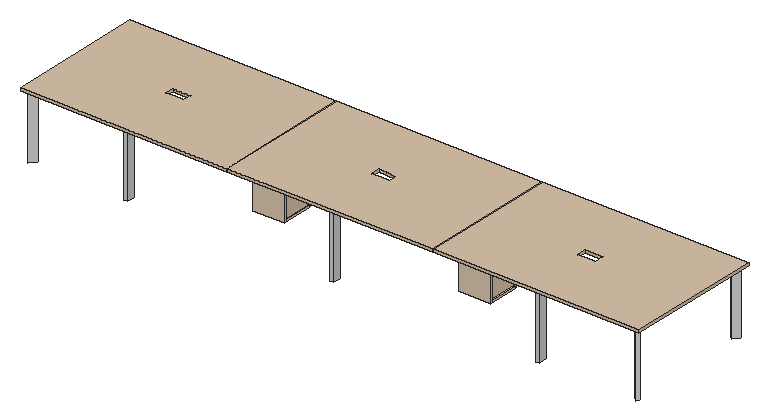
Revit family "Haworth_Planes_ConferenceTable_RectangularThreePiece", category Furniture Systems, Revit 2018
Family settings
  Round Connector Dimension = Use Diameter
  Part Type = Normal
  OmniClass Number = 23.40.70.14.64.21
  OmniClass Title = Systems Furniture
  Work Plane-Based = No
  Always vertical = Yes
  Cut with Voids When Loaded = No
  Shared = No
  Room Calculation Point = No
Parameters (values of type "270w 60d - Interior Leg")
  Worksurface Finish [instance] = Haworth _ Laminate _ Maple H-AE
  Worksurface Edge Finish [instance] = Haworth _ Laminate _ Maple H-AE
  Width = 270"
  Warranty = "http://www.haworth.com/resources/product-info/warranties"
  URL - Product = "http://www.haworth.com/products/tables/conference/planes"
  Trim Finish [instance] = Haworth _ Metal _ Brushed Aluminum
  Sustainability Info = "https://www.haworth.com/company-info/sustainability"
  Support Location Side = if(Perimeter Leg, 1 5/8", 3")  # 3"
  Support Location FrontBack = if(Perimeter Leg, 3/4", 3")  # 3"
  Side Cutout Offset = Actual Width / 12  # 22 1/2"
  Perimeter Leg = no
  Opening Single Wide = no
  Opening Single = not(or(Opening Single Wide, Opening Double, Opening Double Wide))  # yes
  Opening Left/Right = no
  Opening Double Wide = no
  Opening Double = no
  Opening Center = not([Opening Left/Right])  # yes
  Not Cable Base = not(Cable Base)  # no
  Model = "TARA"  # constant formula
  Min. Depth = 42"  # constant formula
  Side Middle Leg_Perimeter = and(Actual Width > 203", Perimeter Leg)  # no
  Side Middle Leg_Interior = and(Actual Width > 203", Interior Leg)  # yes
  Middle Leg_Perimeter = or(and(Actual Width > 203", Perimeter Leg), and(Perimeter Leg, Cable Base))  # no
  Middle Leg_Interior = or(and(Actual Width > 203", Interior Leg), and(Interior Leg, Cable Base))  # yes
  Max. Depth = 60"  # constant formula
  URL = "www.haworth.com"
  Support Height = Actual Height - Table Thickness  # 27 13/16"
  Size [instance] = "Verify Final Dim. w/ Haworth"  # constant formula
  Revision Number = "3"  # constant formula
  Min/Max Width = "186-270 @ 6 in. increments"  # constant formula
  Standard Height = "29 in."  # constant formula
  Min. Width = 186"  # constant formula
  Max. Width = 270"  # constant formula
  Min. Height = 29"  # constant formula
  Max. Height = 29"  # constant formula
  Manufacturer = "Haworth"  # constant formula
  Third Width = Actual Width / 6  # 45"
  Knife Edge = no
  Interior Leg = not(Perimeter Leg)  # yes
  Edgeband = not(Actual Knife Edge)  # yes
  Description = "Haworth - Planes Conference Table - Rectangular Three Piece - Interior Leg - 270w 60d"
  Depth = 60"
  Cutout Width = if(or(Opening Single Wide, Opening Double Wide), 11", 8")  # 8"
  Cutout Depth = if(or(Opening Double, Opening Double Wide), 7 11/16", 4")  # 4"
  Cutout = yes
  Custom Size = not(and(or(Depth = 42", Depth = 48", Depth = 54", Depth = 60"), or(Width = 186", Width = 192", Width = 198", Width = 204", Width = 210", Width = 216", Width = 222", Width = 228", Width = 234", Width = 240", Width = 246", Width = 252", Width = 258", Width = 264", Width = 270")))  # no
  Center Leg_Perimeter = and(Not Cable Base, Perimeter Leg)  # no
  Center Leg_Interior = and(Not Cable Base, Interior Leg)  # no
  Center Cutout Offset = Actual Width / 6  # 45"
  Cable Base Finish [instance] = Haworth _ Laminate _ Maple H-AE
  Cable Base = yes
  Author = "Haworth (Hampton, Alias)"  # constant formula
  Assembly Code = "E2020200"
  Actual Width = if(Width > Max. Width, Max. Width, if(Width < Min. Width, Min. Width, Width))  # 270"
  Actual Knife Edge = and(Knife Edge, Interior Leg)  # no
  Actual Height = 29"  # constant formula
  Table Thickness = 1 3/16"  # constant formula
  Standard Depths = "42, 48, 54, 60 in."  # constant formula
  Actual Depth = if(Depth > Max. Depth, Max. Depth, if(Depth < Min. Depth, Min. Depth, Depth))  # 60"
Types (3): name | Support Location Side | Support Location FrontBack | Perimeter Leg | Side Middle Leg_Perimeter | Side Middle Leg_Interior | Middle Leg_Perimeter | Middle Leg_Interior | Interior Leg | Description
  (no name) | 3" | 3" | no | no | yes | no | yes | yes | "Haworth - Planes Conference Table - Rectangular Three Piece - Interior Leg - 270w 60d"
  270w 60d - Interior Leg | 3" | 3" | no | no | yes | no | yes | yes | "Haworth - Planes Conference Table - Rectangular Three Piece - Interior Leg - 270w 60d"
  270w 60d - Perimeter Leg | 1 5/8" | 3/4" | yes | yes | no | yes | no | no | "Haworth - Planes Conference Table - Rectangular Three Piece - Perimeter Leg - 270w 60d"
Reference planes (in)
  plane 1 "Center F/B": y = 8.84134
  plane 2 "Floor": z = 0
  plane 3 "Center L/R": x = 0
  plane 4 "Table Edge Left": x = -135
  plane 5 "Table Edge Right": x = 135
  plane 6 "Table Edge Back": y = -21.15866
  plane 7 "Table Edge Front": y = 38.84134
  plane 8 "Table Top": z = 29
  plane 9 "masking region": z = 27
  plane 10 "Left Middle Support": x = -90
  plane 11 "Right Middle Support": x = 90
  plane 12 "Ends Back Support Location": y = 35.84134
  plane 13 "Ends Front Support Location": y = -18.15866
  plane 14: z = 27.8125
  plane 15 "Left Seam": x = -45
  plane 16 "Right Seam": x = 45
  plane 17 "Leg 1": x = -132
  plane 18 "Leg 6": x = 132
Lines and regions (in)
  symbolic lines, style "Haworth", detail levels medium+fine
    curve 1: line (-45, 38.84134, 0) -> (-45, -21.15866, 0)
    curve 2: line (45, 38.84134, 0) -> (45, -21.15866, 0)
Dimensions and locks (in)
  "Actual Depth": plane 7 "Table Edge Front" to plane 6 "Table Edge Back"
  "Actual Width": plane 4 "Table Edge Left" to plane 5 "Table Edge Right"
  equal spacing: plane 7 "Table Edge Front", plane 1 "Center F/B", plane 6 "Table Edge Back"
  "Actual Height": plane 8 "Table Top" to level
  "Table Thickness": plane 8 "Table Top" to plane 14
  equal spacing: plane 4 "Table Edge Left", plane 10 "Left Middle Support", plane 15 "Left Seam", plane 3 "Center L/R", plane 16 "Right Seam", plane 11 "Right Middle Support", plane 5 "Table Edge Right"
  "Support Location Side": plane 4 "Table Edge Left" to plane 17 "Leg 1"
  "Support Location Side": plane 18 "Leg 6" to plane 5 "Table Edge Right"
  "Support Location FrontBack": plane 7 "Table Edge Front" to plane 12 "Ends Back Support Location"
  "Support Location FrontBack": plane 13 "Ends Front Support Location" to plane 6 "Table Edge Back"
  aligned and locked: plane 7 "Table Edge Front" to curve 1
  aligned and locked: plane 6 "Table Edge Back" to curve 1
  aligned and locked: curve 1 to plane 15 "Left Seam"
  aligned and locked: plane 7 "Table Edge Front" to curve 2
  aligned and locked: plane 6 "Table Edge Back" to curve 2
  aligned and locked: curve 2 to plane 16 "Right Seam"
  aligned and locked: plane 17 "Leg 1" to nested 1
  aligned and locked: nested 1 to plane 13 "Ends Front Support Location"
  aligned and locked: nested 2 to plane 17 "Leg 1"
  aligned and locked: nested 2 to plane 12 "Ends Back Support Location"
  aligned and locked: nested 3 to plane 12 "Ends Back Support Location"
  aligned and locked: plane 18 "Leg 6" to nested 3
  aligned and locked: nested 4 to plane 18 "Leg 6"
  aligned and locked: nested 4 to plane 13 "Ends Front Support Location"
  aligned and locked: nested 11 to plane 11 "Right Middle Support"
  aligned and locked: nested 11 to plane 13 "Ends Front Support Location"
  aligned and locked: nested 14 to plane 16 "Right Seam"
  aligned and locked: nested 14 to plane 13 "Ends Front Support Location"
  aligned and locked: plane 3 "Center L/R" to nested 9
  aligned and locked: plane 13 "Ends Front Support Location" to nested 9
  aligned and locked: plane 15 "Left Seam" to nested 7
  aligned and locked: plane 13 "Ends Front Support Location" to nested 7
  aligned and locked: plane 10 "Left Middle Support" to nested 5
  aligned and locked: plane 13 "Ends Front Support Location" to nested 5
  aligned and locked: plane 10 "Left Middle Support" to nested 6
  aligned and locked: nested 6 to plane 12 "Ends Back Support Location"
  aligned and locked: plane 15 "Left Seam" to nested 8
  aligned and locked: nested 8 to plane 12 "Ends Back Support Location"
  aligned and locked: plane 3 "Center L/R" to nested 10
  aligned and locked: nested 10 to plane 12 "Ends Back Support Location"
  aligned and locked: nested 13 to plane 16 "Right Seam"
  aligned and locked: plane 12 "Ends Back Support Location" to nested 13
  aligned and locked: nested 12 to plane 11 "Right Middle Support"
  aligned and locked: plane 12 "Ends Back Support Location" to nested 12
  aligned and locked: plane 1 "Center F/B" to nested 15
  aligned and locked: plane 1 "Center F/B" to nested 16
  aligned and locked: nested 16 to plane 16 "Right Seam"
  aligned and locked: plane 15 "Left Seam" to nested 15
  aligned and locked: nested 1 to plane 2 "Floor"
  aligned and locked: nested 30 to plane 2 "Floor"
  aligned and locked: nested 17 to plane 2 "Floor"
  aligned and locked: plane 2 "Floor" to nested 17
  aligned and locked: plane 2 "Floor" to nested 2  (x3)
  aligned and locked: plane 2 "Floor" to nested 30
  aligned and locked: plane 2 "Floor" to nested 1  (x2)
  aligned and locked: nested 18 to plane 2 "Floor"
  aligned and locked: nested 29 to plane 2 "Floor"
  aligned and locked: nested 5 to plane 2 "Floor"
  aligned and locked: plane 2 "Floor" to nested 18
  aligned and locked: plane 2 "Floor" to nested 29
  aligned and locked: nested 6 to plane 2 "Floor"
  aligned and locked: plane 2 "Floor" to nested 5
  aligned and locked: plane 2 "Floor" to nested 6
  aligned and locked: nested 15 to plane 2 "Floor"  (x2)
  aligned and locked: nested 28 to plane 2 "Floor"
  aligned and locked: plane 2 "Floor" to nested 15  (x2)
  aligned and locked: plane 2 "Floor" to nested 28
  aligned and locked: plane 2 "Floor" to nested 19
  aligned and locked: nested 20 to plane 2 "Floor"
  aligned and locked: nested 27 to plane 2 "Floor"
  aligned and locked: nested 10 to plane 2 "Floor"
  aligned and locked: plane 2 "Floor" to nested 9
  aligned and locked: plane 2 "Floor" to nested 27
  aligned and locked: plane 2 "Floor" to nested 20
  aligned and locked: plane 2 "Floor" to nested 10
  aligned and locked: nested 16 to plane 2 "Floor"
  aligned and locked: plane 2 "Floor" to nested 26
  aligned and locked: plane 2 "Floor" to nested 14
  aligned and locked: nested 21 to plane 2 "Floor"
  aligned and locked: plane 2 "Floor" to nested 21
  aligned and locked: nested 22 to plane 2 "Floor"
  aligned and locked: nested 25 to plane 2 "Floor"
  aligned and locked: plane 2 "Floor" to nested 11
  aligned and locked: plane 2 "Floor" to nested 22
  aligned and locked: plane 2 "Floor" to nested 25
  aligned and locked: plane 2 "Floor" to nested 12
  aligned and locked: nested 4 to plane 2 "Floor"  (x3)
  aligned and locked: plane 2 "Floor" to nested 23
  aligned and locked: plane 2 "Floor" to nested 24
  aligned and locked: plane 2 "Floor" to nested 3
  aligned and locked: nested 23 to plane 2 "Floor"  (x2)
  aligned and locked: nested 24 to plane 2 "Floor"
  aligned and locked: nested 3 to plane 2 "Floor"  (x2)
  aligned and locked: plane 13 "Ends Front Support Location" to nested 17
  aligned and locked: plane 17 "Leg 1" to nested 17
  aligned and locked: nested 18 to plane 13 "Ends Front Support Location"
  aligned and locked: plane 10 "Left Middle Support" to nested 18
  aligned and locked: plane 15 "Left Seam" to nested 19
  aligned and locked: nested 19 to plane 13 "Ends Front Support Location"
  aligned and locked: nested 20 to plane 13 "Ends Front Support Location"
  aligned and locked: plane 3 "Center L/R" to nested 20
  aligned and locked: nested 21 to plane 13 "Ends Front Support Location"
  aligned and locked: nested 21 to plane 16 "Right Seam"
  aligned and locked: nested 22 to plane 13 "Ends Front Support Location"
  aligned and locked: nested 22 to plane 11 "Right Middle Support"
  aligned and locked: nested 23 to plane 13 "Ends Front Support Location"
  aligned and locked: nested 23 to plane 18 "Leg 6"
  aligned and locked: nested 24 to plane 18 "Leg 6"
  aligned and locked: nested 24 to plane 12 "Ends Back Support Location"
  aligned and locked: plane 12 "Ends Back Support Location" to nested 25
  aligned and locked: nested 25 to plane 11 "Right Middle Support"
  aligned and locked: plane 12 "Ends Back Support Location" to nested 26
  aligned and locked: nested 26 to plane 16 "Right Seam"
  aligned and locked: plane 12 "Ends Back Support Location" to nested 27
  aligned and locked: plane 3 "Center L/R" to nested 27
  aligned and locked: plane 15 "Left Seam" to nested 28
  aligned and locked: plane 12 "Ends Back Support Location" to nested 28
  aligned and locked: plane 10 "Left Middle Support" to nested 29
  aligned and locked: plane 12 "Ends Back Support Location" to nested 29
  aligned and locked: plane 17 "Leg 1" to nested 30
  aligned and locked: plane 12 "Ends Back Support Location" to nested 30
  aligned and locked: nested 7 to plane 2 "Floor"
  aligned and locked: nested 19 to plane 2 "Floor"
  aligned and locked: nested 8 to plane 2 "Floor"
  aligned and locked: plane 2 "Floor" to nested 7
  aligned and locked: plane 2 "Floor" to nested 13  (x2)
  aligned and locked: nested 26 to plane 2 "Floor"
  aligned and locked: nested 31 to plane 2 "Floor"
  aligned and locked: nested 31 to plane 3 "Center L/R"
  aligned and locked: nested 31 to plane 1 "Center F/B"
Nested families (in)
  nested 1: "Haworth_Worksurface-Support_Part-Leg" at (-140.5, 3.08065, 0), type "Support"
  nested 2: "Haworth_Worksurface-Support_Part-Leg" at (-140.5, 14.60203, 0), type "Support"
  nested 3: "Haworth_Worksurface-Support_Part-Leg" at (140.5, 14.60203, 0) x (-1, 0, 0) z (0, 0, 1), type "Support"
  nested 4: "Haworth_Worksurface-Support_Part-Leg" at (140.5, 3.08065, 0) x (-1, 0, 0) z (0, 0, 1), type "Support"
  nested 5: "Haworth_Worksurface-Support_Part-Leg" at (-98.5, 3.08065, 0), visible <- "Side Middle Leg_Interior", type "Middle Support"
    with Support Post Standard yes, Support Post 45 Degree no
  nested 6: "Haworth_Worksurface-Support_Part-Leg" at (-98.5, 57.08065, 0), visible <- "Side Middle Leg_Interior", type "Middle Support"
    with Support Post Standard yes, Support Post 45 Degree no
  nested 7: "Haworth_Worksurface-Support_Part-Leg" at (-53.5, 3.08065, 0), visible <- "Center Leg_Interior", type "Middle Support"
    with Support Post Standard yes, Support Post 45 Degree no
  nested 8: "Haworth_Worksurface-Support_Part-Leg" at (-53.5, 57.08065, 0), visible <- "Center Leg_Interior", type "Middle Support"
    with Support Post Standard yes, Support Post 45 Degree no
  nested 9: "Haworth_Worksurface-Support_Part-Leg" at (-8.5, 3.08065, 0), visible <- "Middle Leg_Interior", type "Middle Support"
    with Support Post Standard yes, Support Post 45 Degree no
  nested 10: "Haworth_Worksurface-Support_Part-Leg" at (-8.5, 57.08065, 0), visible <- "Middle Leg_Interior", type "Middle Support"
    with Support Post Standard yes, Support Post 45 Degree no
  nested 11: "Haworth_Worksurface-Support_Part-Leg" at (98.5, 3.08065, 0) x (-1, 0, 0) z (0, 0, 1), visible <- "Side Middle Leg_Interior", type "Middle Support"
    with Support Post Standard yes, Support Post 45 Degree no
  nested 12: "Haworth_Worksurface-Support_Part-Leg" at (98.5, 57.08065, 0) x (-1, 0, 0) z (0, 0, 1), visible <- "Side Middle Leg_Interior", type "Middle Support"
    with Support Post Standard yes, Support Post 45 Degree no
  nested 13: "Haworth_Worksurface-Support_Part-Leg" at (53.5, 57.08065, 0) x (-1, 0, 0) z (0, 0, 1), visible <- "Center Leg_Interior", type "Middle Support"
    with Support Post Standard yes, Support Post 45 Degree no
  nested 14: "Haworth_Worksurface-Support_Part-Leg" at (53.5, 3.08065, 0) x (-1, 0, 0) z (0, 0, 1), visible <- "Center Leg_Interior", type "Middle Support"
    with Support Post Standard yes, Support Post 45 Degree no
  nested 15: "Haworth_Planes_CableBase" at (-45, 5.21634, 0), visible <- "Cable Base", type "Base"
    with Actual Depth 14", 8 x 14 no, 14 x 14 yes
  nested 16: "Haworth_Planes_CableBase" at (45, 5.21634, 0), visible <- "Cable Base", type "Base"
    with Actual Depth 14", 8 x 14 no, 14 x 14 yes
  nested 17: "Haworth_Worksurface-Support_Part-Leg" at (-153.23931, -26.65866, 0) x (0, 1, 0) z (0, 0, 1), type "Perimeter Leg"
    with Support Post 45 Degree no
  nested 18: "Haworth_Worksurface-Support_Part-Leg" at (-111.23931, -26.65866, 0) x (0, 1, 0) z (0, 0, 1), visible <- "Side Middle Leg_Perimeter", type "Middle Support"
    with Support Post Standard yes, Support Post 45 Degree no
  nested 19: "Haworth_Worksurface-Support_Part-Leg" at (-66.23931, -26.65866, 0) x (0, 1, 0) z (0, 0, 1), visible <- "Center Leg_Perimeter", type "Middle Support"
    with Support Post Standard yes, Support Post 45 Degree no
  nested 20: "Haworth_Worksurface-Support_Part-Leg" at (-21.23931, -26.65866, 0) x (0, 1, 0) z (0, 0, 1), visible <- "Middle Leg_Perimeter", type "Middle Support"
    with Support Post Standard yes, Support Post 45 Degree no
  nested 21: "Haworth_Worksurface-Support_Part-Leg" at (23.76069, -26.65866, 0) x (0, 1, 0) z (0, 0, 1), visible <- "Center Leg_Perimeter", type "Middle Support"
    with Support Post Standard yes, Support Post 45 Degree no
  nested 22: "Haworth_Worksurface-Support_Part-Leg" at (68.76069, -26.65866, 0) x (0, 1, 0) z (0, 0, 1), visible <- "Side Middle Leg_Perimeter", type "Middle Support"
    with Support Post Standard yes, Support Post 45 Degree no
  nested 23: "Haworth_Worksurface-Support_Part-Leg" at (110.76069, -26.65866, 0) x (0, 1, 0) z (0, 0, 1), type "Perimeter Leg"
    with Support Post 45 Degree no
  nested 24: "Haworth_Worksurface-Support_Part-Leg" at (110.76069, 27.34134, 0) x (0, 1, 0) z (0, 0, 1), type "Perimeter Leg"
    with Support Post 45 Degree no
  nested 25: "Haworth_Worksurface-Support_Part-Leg" at (68.76069, 27.34134, 0) x (0, 1, 0) z (0, 0, 1), visible <- "Side Middle Leg_Perimeter", type "Middle Support"
    with Support Post Standard yes, Support Post 45 Degree no
  nested 26: "Haworth_Worksurface-Support_Part-Leg" at (23.76069, 27.34134, 0) x (0, 1, 0) z (0, 0, 1), visible <- "Center Leg_Perimeter", type "Middle Support"
    with Support Post Standard yes, Support Post 45 Degree no
  nested 27: "Haworth_Worksurface-Support_Part-Leg" at (-21.23931, 27.34134, 0) x (0, 1, 0) z (0, 0, 1), visible <- "Middle Leg_Perimeter", type "Middle Support"
    with Support Post Standard yes, Support Post 45 Degree no
  nested 28: "Haworth_Worksurface-Support_Part-Leg" at (-66.23931, 27.34134, 0) x (0, 1, 0) z (0, 0, 1), visible <- "Center Leg_Perimeter", type "Middle Support"
    with Support Post Standard yes, Support Post 45 Degree no
  nested 29: "Haworth_Worksurface-Support_Part-Leg" at (-111.23931, 27.34134, 0) x (0, 1, 0) z (0, 0, 1), visible <- "Side Middle Leg_Perimeter", type "Middle Support"
    with Support Post Standard yes, Support Post 45 Degree no
  nested 30: "Haworth_Worksurface-Support_Part-Leg" at (-153.23931, 27.34134, 0) x (0, 1, 0) z (0, 0, 1), type "Perimeter Leg"
    with Support Post 45 Degree no
  nested 31: "Haworth_Planes_Conference_Worksurface_RectangularThreePiece_Part" at (45, -6.15866, 0), type "Worksurface"
    with Opening Side Vis. no, Opening Left/Right no, Knife Edge no, Cutout Side Dimension 1"
Definition of nested family "Haworth_Worksurface-Support_Part-Leg"
  Parameters
    Top Thickness = 1 3/16"
    Support Post Standard = no
    Support Post 45 Degree = yes
    Support Height = Actual Height - Top Thickness  # 27 13/16"
    Model = "Worksurface"
    Worksurface Height = 29"
    Warranty = "www.haworth.com/en-us/Products/Pages/Certifications.aspx"
    URL - Product = "www.haworth.com/en-us/Products/Furniture/Systems/Desking-Systems/Pages/Compose.aspx"
    URL = "www.haworth.com"
    Sustainability Info = "www.haworth.com/en-us/About-Us/Sustainability/Pages/Vision.aspx"
    Support Finish = none
    Size = "Verify Final Dim. w/ Haworth"  # constant formula
    Revision Number = "1"  # constant formula
    Min/Max Height = "26-32 in."  # constant formula
    Min. Height = 20"  # constant formula
    Max. Height = 48"  # constant formula
    Manufacturer = "Haworth"  # constant formula
    LEED Data = "www.haworth.com/_layouts/Haworth.ProductCatalog/Handlers/GetAsset.ashx/ComposeLEEDContributions.pdf?cid=27&rid=1824&type=Leed"
    Description = "Worksurface Support"  # constant formula
    Author = "SHAPE Environments, LLC"  # constant formula
    Assembly Code = "E2020200"
    Actual Top Thickness = if(Top Thickness > 3", 3", if(Top Thickness < 1", 1", Top Thickness))  # 1 3/16"
    Actual Height = 29"
  Reference planes (in)
    plane 1: z = 0
    plane 2 "Center L/R": x = 8.5
    plane 3 "Support Top": z = 27.8125
    plane 4 "Center F/B": y = -21.23931
  Forms (in)
    Extrusion 1, solid, material <- "Support Finish", visible <- "Support Post Standard"
      sketch origin (0, 0, 0) x (1, 0, 0) y (0, 1, 0)
        loop
          line (7.75, -22.86431) -> (9.25, -22.86431) -> (9.25, -19.61431) -> (7.75, -19.61431) -> (7.75, -22.86431)
      from 0 to 27.8125
    Extrusion 2, solid, material <- "Support Finish", visible <- "Support Post 45 Degree"
      sketch origin (17.50805, -0.21044, 0) x (0.707107, -0.707107, 0) y (0.707107, 0.707107, 0)
        loop
          line (7.75, -22.86431) -> (9.25, -22.86431) -> (9.25, -19.61431) -> (7.75, -19.61431) -> (7.75, -22.86431)
      from 0 to 27.8125
  Lines and regions (in)
    symbolic lines, visible <- "Support Post Standard", detail levels fine
      curve 1: line (7.75, -19.61431, 0) -> (9.25, -19.61431, 0)
      curve 2: line (7.75, -22.86431, 0) -> (7.75, -19.61431, 0)
      curve 3: line (9.25, -22.86431, 0) -> (7.75, -22.86431, 0)
      curve 4: line (9.25, -19.61431, 0) -> (9.25, -22.86431, 0)
    symbolic lines, visible <- "Support Post 45 Degree", detail levels fine
      curve 5: line (6.82062, -21.85803, 0) -> (9.11872, -19.55993, 0)
      curve 6: line (9.11872, -19.55993, 0) -> (10.17938, -20.62059, 0)
      curve 7: line (10.17938, -20.62059, 0) -> (7.88128, -22.91869, 0)
      curve 8: line (7.88128, -22.91869, 0) -> (6.82062, -21.85803, 0)
  Dimensions and locks (in)
    "Support Height": plane 3 "Support Top" to level
    aligned and locked: plane 3 "Support Top" to Extrusion 1
    aligned and locked: plane 3 "Support Top" to Extrusion 2
  Automatic sketch dimensions
    Extrusion 1 sketch curve to plane 4 "Center F/B" = 1 5/8"
    plane 2 "Center L/R" to Extrusion 1 sketch curve = 3/4"
    Extrusion 1 sketch curve to plane 2 "Center L/R" = 3/4"
    plane 4 "Center F/B" to Extrusion 1 sketch curve = 1 5/8"
    plane 2 "Center L/R" to Extrusion 2 sketch curve = 0.61872"
    Extrusion 2 sketch curve to plane 4 "Center F/B" = 1.67938"
    Extrusion 2 sketch curve to Extrusion 2 sketch curve = 1 1/2"
    Extrusion 2 sketch curve to Extrusion 2 sketch curve = 3 1/4"
    plane 4 "Center F/B" to curve 5 = 0.61872"
    curve 2 to plane 2 "Center L/R" = 3/4"
    curve 2 to curve 7 = 0.13128"
    plane 2 "Center L/R" to curve 6 = 0.61872"
    curve 5 to curve 4 = 0.13128"
    curve 6 to plane 4 "Center F/B" = 0.61872"
    curve 1 to curve 6 = 0.92938"
    curve 7 to curve 2 = 0.05438"
    curve 1 to curve 5 = 0.05438"
Definition of nested family "Haworth_Planes_CableBase"
  Parameters
    Warranty = "www.haworth.com/en-us/Products/Pages/Certifications.aspx"
    URL - Product = "www.haworth.com/en-us/Products/Furniture/Tables/Conference-Ancillary/Pages/Planes.aspx"
    URL = "www.haworth.com"
    Sustainability Info = "www.haworth.com/en-us/About-Us/Sustainability/Pages/Vision.aspx"
    Size = "Verify Final Dim. w/ Haworth"  # constant formula
    Revision Number = "2"  # constant formula
    Model = "Haworth_Planes-Cable_Base"  # constant formula
    Min. Height = 27 13/16"  # constant formula
    Max. Height = 27 13/16"  # constant formula
    Manufacturer = "Haworth"  # constant formula
    LEED Data = "www.haworth.com/_layouts/Haworth.ProductCatalog/Handlers/GetAsset.ashx/PlanesLEEDContributions.pdf?cid=187&rid=1508&type=Leed"
    Description = "Haworth_Planes-Cable_Base"
    Base Finish = none
    Author = "SHAPE Environments, LLC"  # constant formula
    Assembly Code = "E2020200"
    Actual Width = 14"  # constant formula
    Actual Height = 27 13/16"
    Actual Depth = if([8 x 14], 8", 14")  # 8"
    8 x 14 = not([14 x 14])  # yes
    14 x 14 = no
  Reference planes (in)
    plane 1 "Center F/B": y = 3.625
    plane 2: z = 0
    plane 3 "Center L/R": x = 0
    plane 4 "Left": x = -7
    plane 5 "Right": x = 7
    plane 6 "Front": y = -0.375
    plane 7 "Top": z = 27.8125
    plane 8 "Back": y = 7.625
    plane 9: y = 6.875
    plane 10: x = 6.25
    plane 11: x = -6.25
    plane 12: y = 0.375
    plane 13: z = 27.0625
  Forms (in)
    Extrusion 1, solid, material <- "Base Finish"
      sketch origin (0, 0, 0) x (1, 0, 0) y (0, 1, 0)
        loop
          line (-7, 7.625) -> (-7, 6.875) -> (7, 6.875) -> (7, 7.625) -> (-7, 7.625)
        loop
          line (-7, 0.375) -> (-7, -0.375) -> (7, -0.375) -> (7, 0.375) -> (-7, 0.375)
      from 0 to 27.8125
    Extrusion 2, solid, material <- "Base Finish"
      sketch origin (0, 0, 0) x (1, 0, 0) y (0, 1, 0)
        loop
          line (-6.25, 6.875) -> (-6.25, 0.375) -> (-5.5, 0.375) -> (-5.5, 6.875) -> (-6.25, 6.875)
        loop
          line (6.25, 6.875) -> (5.5, 6.875) -> (5.5, 0.375) -> (6.25, 0.375) -> (6.25, 6.875)
      from 0 to 27.0625
    Extrusion 3, solid, material <- "Base Finish"
      sketch origin (0, 0, 0) x (1, 0, 0) y (0, 1, 0)
        loop
          line (-7, 6.875) -> (-7, 0.375) -> (7, 0.375) -> (7, 6.875) -> (-7, 6.875)
        loop
          line (-4, 4.625) -> (-4, 2.625) -> (4, 2.625) -> (4, 4.625) -> (-4, 4.625)
      from 0 to 0.75
  Cuts and joins
    joined: Extrusion 2, Extrusion 3
  Lines and regions (in)
    Masking region 1, detail levels fine
      outline origin (0, 0, 0) x (1, 0, 0) y (0, 1, 0)
        loop
          line (-7, 7.625) -> (-7, -0.375) -> (7, -0.375) -> (7, 7.625) -> (-7, 7.625)
        loop
          line (-4, 4.625) -> (-4, 2.625) -> (4, 2.625) -> (4, 4.625) -> (-4, 4.625)
  Dimensions and locks (in)
    equal spacing: plane 8 "Back", plane 1 "Center F/B", plane 6 "Front"
    "Actual Depth": plane 8 "Back" to plane 6 "Front"
    equal spacing: plane 4 "Left", plane 3 "Center L/R", plane 5 "Right"
    "Actual Width": plane 4 "Left" to plane 5 "Right"
    "Actual Height": plane 7 "Top" to level
    locked: plane 4 "Left" to plane 11 at 0.75
    locked: plane 10 to plane 5 "Right" at 0.75
    locked: plane 8 "Back" to plane 9 at 0.75
    locked: plane 12 to plane 6 "Front" at 0.75
    locked: plane 7 "Top" to plane 13 at 0.75
    Extrusion 2 sketch curve to plane 10 = 3/4"
    plane 11 to Extrusion 2 sketch curve = 3/4"
    Extrusion 3 sketch curve to plane 6 "Front" = 3"
    Extrusion 3 sketch curve to plane 8 "Back" = 3"
    plane 4 "Left" to Extrusion 3 sketch curve = 3"
    Extrusion 3 sketch curve to plane 5 "Right" = 3"
    aligned and locked: plane 4 "Left" to Extrusion 1 sketch curve  (x2)
    aligned and locked: Extrusion 1 sketch curve to plane 8 "Back"
    aligned and locked: plane 9 to Extrusion 1 sketch curve
    aligned and locked: plane 5 "Right" to Extrusion 1 sketch curve  (x2)
    aligned and locked: plane 6 "Front" to Extrusion 1 sketch curve
    aligned and locked: Extrusion 1 sketch curve to plane 12
    aligned and locked: plane 7 "Top" to Extrusion 1
    aligned and locked: plane 11 to Extrusion 2 sketch curve
    aligned and locked: Extrusion 2 sketch curve to plane 9
    aligned and locked: plane 12 to Extrusion 2 sketch curve  (x2)
    aligned and locked: plane 10 to Extrusion 2 sketch curve
    aligned and locked: plane 9 to Extrusion 2 sketch curve
    aligned and locked: plane 13 to Extrusion 2
    aligned and locked: Extrusion 1 to Extrusion 3 sketch curve
    aligned and locked: Extrusion 3 sketch curve to Extrusion 1
    aligned and locked: Masking region 1 sketch curve to Extrusion 3  (x5)
    aligned and locked: Masking region 1 sketch curve to Extrusion 1
    aligned and locked: Extrusion 1 to Masking region 1 sketch curve
    aligned and locked: Extrusion 3 to Masking region 1 sketch curve
    aligned and locked: plane 12 to Extrusion 3 sketch curve
    aligned and locked: Extrusion 3 sketch curve to plane 9
Definition of nested family "Haworth_Planes_Conference_Worksurface_RectangularThreePiece_Part"
  Parameters (values of type "Worksurface")
    Warranty = "https://www.haworth.com/resources/product-info/warranties"
    URL - Product = "https://www.haworth.com/products/tables/conference/planes"
    URL = "www.haworth.com"
    Table Thickness = 1 3/16"  # constant formula
    Table Finish = none
    Table Edge Finish = none
    Side Cutout Offset = Actual Width / 12  # 22 1/2"
    Revision Number = ""
    Opening Side Vis. = and(Cutout, [Opening Left/Right])  # yes
    Opening Left/Right = yes
    Opening Center Vis. = and(Cutout, Opening Center)  # yes
    Opening Center = yes
    Note = "Verify Final Dim. w/ Haworth"  # constant formula
    Model = "TARA"  # constant formula
    Manufacturer = "Haworth"  # constant formula
    Knife Edge = yes
    Edgeband = yes
    Description = "Haworth - Planes Conference Worksurface - Part"
    Cutout Width = 8"
    Cutout Side Dimension = if(and(Cutout, [Opening Left/Right]), 3", 1")  # 3"
    Cutout Center Dimension = if(and(Cutout, Opening Center), 3", 1")  # 3"
    Cutout Depth = 4"
    Cutout = yes
    Center Cutout Offset = Actual Width / 6  # 45"
    Author = "Haworth (Alias)"  # constant formula
    Assembly Code = ""
    Actual Width = 270"
    Actual Height = 29"
    Actual Depth = 60"
  Reference planes (in)
    plane 1 "Center F/B": y = 15
    plane 2 "Bottom": z = 0
    plane 3 "Right Flat": x = 0
    plane 4 "Table Front": y = 45
    plane 5 "Table Right": x = 90
    plane 6 "Table Left": x = -180
    plane 7 "Table Back": y = -15
    plane 8 "Table Top": z = 29
    plane 9 "Table Bottom": z = 27.8125
    plane 10 "Cutout Top": z = 30
    plane 11 "Cutout Center Bottom": z = 27
    plane 12 "KnifeEdge Middle": z = 28.625
    plane 13 "Cutout Center": x = -135
    plane 14 "Cutout Left 1": x = -157.5
    plane 15 "Cutout Left 2": x = -112.5
    plane 16 "Cutout Right 2": x = 22.5
    plane 17 "Cutout Center 2": x = 45
    plane 18 "Cutout Right 1": x = 67.5
    plane 19 "Cutout Side Bottom": z = 27
    plane 20 "Left Flat": x = -90
    plane 21 "Center L/R": x = -45
    plane 22 "Cutout Left 3": x = -67.5
    plane 23 "Cutout Right 3": x = -22.5
  Forms (in)
    Extrusion 1, solid, material <- "Table Finish", visible <- "Edgeband"
      sketch origin (0, 0, 0) x (1, 0, 0) y (0, 1, 0)
        loop
          line (0, 45) -> (0, -15) -> (90, -15) -> (90, 45) -> (0, 45)
      from 27.8125 to 29
    Extrusion 2, void
      sketch origin (-90, 0, 29) x (-1, 0, 0) y (0, -1, 0)
        loop
          line (49, -17) -> (49, -13) -> (41, -13) -> (41, -17) -> (49, -17)
        loop
          line (-41, -17) -> (-41, -13) -> (-49, -13) -> (-49, -17) -> (-41, -17)
        loop
          line (-131, -17) -> (-131, -13) -> (-139, -13) -> (-139, -17) -> (-131, -17)
      from -2 to 1
    Extrusion 3, solid, material <- "Table Finish", visible <- "Knife Edge"
      sketch origin (0, 0, 0) x (1, 0, 0) y (0, 1, 0)
        loop
          line (0, 45) -> (0, -15) -> (90, -15) -> (90, 45) -> (0, 45)
      from 28.625 to 29
    Blend 4, solid, material <- "Table Finish", visible <- "Knife Edge"
      base sketch origin (0, 0, 0) x (1, 0, 0) y (0, 1, 0)
        loop
          line (0, -13) -> (88, -13) -> (88, 43) -> (0, 43) -> (0, -13)
      top sketch origin (0, 0, 0) x (1, 0, 0) y (0, 1, 0)
        loop
          line (0, 45) -> (0, -15) -> (90, -15) -> (90, 45) -> (0, 45)
      from 27.8125 to 28.625
    Extrusion 5, void
      sketch origin (-90, 0, 0) x (1, 0, 0) y (0, 1, 0)
        loop
          line (-71.5, 17) -> (-71.5, 13) -> (-63.5, 13) -> (-63.5, 17) -> (-71.5, 17)
        loop
          line (-26.5, 17) -> (-26.5, 13) -> (-18.5, 13) -> (-18.5, 17) -> (-26.5, 17)
        loop
          line (18.5, 17) -> (18.5, 13) -> (26.5, 13) -> (26.5, 17) -> (18.5, 17)
        loop
          line (63.5, 17) -> (63.5, 13) -> (71.5, 13) -> (71.5, 17) -> (63.5, 17)
        loop
          line (108.5, 17) -> (108.5, 13) -> (116.5, 13) -> (116.5, 17) -> (108.5, 17)
        loop
          line (153.5, 17) -> (153.5, 13) -> (161.5, 13) -> (161.5, 17) -> (153.5, 17)
      from 27 to 30
    Extrusion 6, solid, material <- "Table Finish", visible <- "Knife Edge"
      sketch origin (-90, 0, 0) x (-1, 0, 0) y (0, -1, 0)
        loop
          line (90, -45) -> (90, 15) -> (0, 15) -> (0, -45) -> (90, -45)
      from 28.625 to 29
    Extrusion 7, solid, material <- "Table Finish", visible <- "Edgeband"
      sketch origin (-90, 0, 0) x (-1, 0, 0) y (0, -1, 0)
        loop
          line (90, -45) -> (90, 15) -> (0, 15) -> (0, -45) -> (90, -45)
      from 27.8125 to 29
    Blend 8, solid, material <- "Table Finish", visible <- "Knife Edge"
      base sketch origin (-90, 0, 0) x (-1, 0, 0) y (0, -1, 0)
        loop
          line (0, -43) -> (88, -43) -> (88, 13) -> (0, 13) -> (0, -43)
      top sketch origin (-90, 0, 0) x (-1, 0, 0) y (0, -1, 0)
        loop
          line (90, -45) -> (90, 15) -> (0, 15) -> (0, -45) -> (90, -45)
      from 27.8125 to 28.625
    Extrusion 9, solid, material <- "Table Finish", visible <- "Edgeband"
      sketch origin (0, 0, 0) x (1, 0, 0) y (0, 1, 0)
        loop
          line (-90, 45) -> (-90, -15) -> (0, -15) -> (0, 45) -> (-90, 45)
      from 27.8125 to 29
    Extrusion 10, solid, material <- "Table Finish", visible <- "Knife Edge"
      sketch origin (0, 0, 0) x (1, 0, 0) y (0, 1, 0)
        loop
          line (-90, 45) -> (-90, -15) -> (0, -15) -> (0, 45) -> (-90, 45)
      from 28.625 to 29
    Blend 11, solid, material <- "Table Finish", visible <- "Knife Edge"
      base sketch origin (0, 0, 0) x (1, 0, 0) y (0, 1, 0)
        loop
          line (-90, -13) -> (0, -13) -> (0, 43) -> (-90, 43) -> (-90, -13)
      top sketch origin (0, 0, 0) x (1, 0, 0) y (0, 1, 0)
        loop
          line (-90, 45) -> (-90, -15) -> (0, -15) -> (0, 45) -> (-90, 45)
      from 27.8125 to 28.625
  Cuts and joins
    Extrusion 2, Extrusion 5 cuts Extrusion 1
    Extrusion 2, Extrusion 5 cuts Extrusion 3
    Extrusion 2, Extrusion 5 cuts Blend 4
    Extrusion 2, Extrusion 5 cuts Extrusion 9
    Extrusion 2, Extrusion 5 cuts Extrusion 10
    Extrusion 2, Extrusion 5 cuts Blend 11
    Extrusion 2, Extrusion 5 cuts Extrusion 7
    Extrusion 2, Extrusion 5 cuts Extrusion 6
    Extrusion 2, Extrusion 5 cuts Blend 8
  Lines and regions (in)
    Masking region 1
      outline origin (0, 0, 0) x (1, 0, 0) y (0, 1, 0)
        loop
          line (-180, 45) -> (-180, -15) -> (90, -15) -> (90, 45) -> (-180, 45)
    symbolic lines
      curve 1: line (-90, 45, 0) -> (-90, -15, 0)
      curve 38: line (0, 45, 0) -> (0, -15, 0)
    symbolic lines, visible <- "Opening Side Vis."
      curve 2: line (-153.5, 17, 0) -> (-153.5, 13, 0)
      curve 3: line (-153.5, 13, 0) -> (-161.5, 13, 0)
      curve 4: line (-161.5, 13, 0) -> (-161.5, 17, 0)
      curve 5: line (-161.5, 17, 0) -> (-153.5, 17, 0)
      curve 10: line (-108.5, 13, 0) -> (-116.5, 13, 0)
      curve 11: line (-116.5, 13, 0) -> (-116.5, 17, 0)
      curve 12: line (-116.5, 17, 0) -> (-108.5, 17, 0)
      curve 13: line (-108.5, 17, 0) -> (-108.5, 13, 0)
      curve 14: line (-63.5, 13, 0) -> (-71.5, 13, 0)
      curve 15: line (-71.5, 13, 0) -> (-71.5, 17, 0)
      curve 16: line (-71.5, 17, 0) -> (-63.5, 17, 0)
      curve 17: line (-63.5, 17, 0) -> (-63.5, 13, 0)
      curve 22: line (-18.5, 13, 0) -> (-26.5, 13, 0)
      curve 23: line (-26.5, 13, 0) -> (-26.5, 17, 0)
      curve 24: line (-26.5, 17, 0) -> (-18.5, 17, 0)
      curve 25: line (-18.5, 17, 0) -> (-18.5, 13, 0)
      curve 26: line (26.5, 13, 0) -> (18.5, 13, 0)
      curve 27: line (18.5, 13, 0) -> (18.5, 17, 0)
      curve 28: line (18.5, 17, 0) -> (26.5, 17, 0)
      curve 29: line (26.5, 17, 0) -> (26.5, 13, 0)
      curve 34: line (71.5, 13, 0) -> (63.5, 13, 0)
      curve 35: line (63.5, 13, 0) -> (63.5, 17, 0)
      curve 36: line (63.5, 17, 0) -> (71.5, 17, 0)
      curve 37: line (71.5, 17, 0) -> (71.5, 13, 0)
    symbolic lines, visible <- "Opening Center Vis."
      curve 6: line (-131, 13, 0) -> (-139, 13, 0)
      curve 7: line (-139, 13, 0) -> (-139, 17, 0)
      curve 8: line (-139, 17, 0) -> (-131, 17, 0)
      curve 9: line (-131, 17, 0) -> (-131, 13, 0)
      curve 18: line (-41, 13, 0) -> (-49, 13, 0)
      curve 19: line (-49, 13, 0) -> (-49, 17, 0)
      curve 20: line (-49, 17, 0) -> (-41, 17, 0)
      curve 21: line (-41, 17, 0) -> (-41, 13, 0)
      curve 30: line (49, 13, 0) -> (41, 13, 0)
      curve 31: line (41, 13, 0) -> (41, 17, 0)
      curve 32: line (41, 17, 0) -> (49, 17, 0)
      curve 33: line (49, 17, 0) -> (49, 13, 0)
    symbolic lines, visible <- "Knife Edge", detail levels medium+fine
      curve 39: line (-178, 43, 0) -> (-90, 43, 0)
      curve 40: line (-90, -13, 0) -> (-178, -13, 0)
      curve 41: line (-178, -13, 0) -> (-178, 43, 0)
      curve 42: line (0, -13, 0) -> (-90, -13, 0)
      curve 43: line (-90, 43, 0) -> (0, 43, 0)
      curve 44: line (0, 43, 0) -> (88, 43, 0)
      curve 45: line (88, 43, 0) -> (88, -13, 0)
      curve 46: line (88, -13, 0) -> (0, -13, 0)
  Dimensions and locks (in)
    "Actual Depth": plane 7 "Table Back" to plane 4 "Table Front"
    equal spacing: plane 4 "Table Front", plane 1 "Center F/B", plane 7 "Table Back"
    "Table Thickness": plane 8 "Table Top" to plane 9 "Table Bottom"
    "Actual Height": plane 8 "Table Top" to level
    "Cutout Center Dimension": plane 10 "Cutout Top" to plane 11 "Cutout Center Bottom"
    locked: plane 10 "Cutout Top" to plane 8 "Table Top" at 1
    locked: plane 8 "Table Top" to plane 12 "KnifeEdge Middle" at 0.375
    "Cutout Width": Extrusion 2 sketch curve to Extrusion 2 sketch curve  (x3)
    "Cutout Depth": Extrusion 2 sketch curve to Extrusion 2 sketch curve  (x3)
    equal spacing: Extrusion 2 sketch curve, plane 1 "Center F/B", Extrusion 2 sketch curve  (x3)
    equal spacing: Extrusion 2 sketch curve, plane 13 "Cutout Center", Extrusion 2 sketch curve
    "Center Cutout Offset": plane 3 "Right Flat" to plane 17 "Cutout Center 2"
    "Side Cutout Offset": plane 3 "Right Flat" to plane 16 "Cutout Right 2"
    "Side Cutout Offset": plane 18 "Cutout Right 1" to plane 5 "Table Right"
    "Cutout Side Dimension": plane 10 "Cutout Top" to plane 19 "Cutout Side Bottom"
    equal spacing: Extrusion 5 sketch curve, plane 1 "Center F/B", Extrusion 5 sketch curve  (x6)
    "Cutout Depth": Extrusion 5 sketch curve to Extrusion 5 sketch curve  (x6)
    equal spacing: Extrusion 5 sketch curve, plane 14 "Cutout Left 1", Extrusion 5 sketch curve
    "Cutout Width": Extrusion 5 sketch curve to Extrusion 5 sketch curve  (x6)
    equal spacing: Extrusion 5 sketch curve, plane 15 "Cutout Left 2", Extrusion 5 sketch curve
    equal spacing: plane 6 "Table Left", plane 20 "Left Flat", plane 3 "Right Flat", plane 5 "Table Right"
    equal spacing: plane 6 "Table Left", plane 21 "Center L/R", plane 5 "Table Right"
    "Actual Width": plane 6 "Table Left" to plane 5 "Table Right"
    locked: plane 7 "Table Back" to Blend 11 sketch curve at 2
    locked: plane 4 "Table Front" to Blend 11 sketch curve at 2
    "Center Cutout Offset": plane 13 "Cutout Center" to plane 20 "Left Flat"
    "Side Cutout Offset": plane 15 "Cutout Left 2" to plane 20 "Left Flat"
    "Side Cutout Offset": plane 6 "Table Left" to plane 14 "Cutout Left 1"
    "Side Cutout Offset": plane 23 "Cutout Right 3" to plane 3 "Right Flat"
    "Side Cutout Offset": plane 20 "Left Flat" to plane 22 "Cutout Left 3"
    equal spacing: Extrusion 5 sketch curve, plane 22 "Cutout Left 3", Extrusion 5 sketch curve
    equal spacing: Extrusion 5 sketch curve, plane 23 "Cutout Right 3", Extrusion 5 sketch curve
    equal spacing: Extrusion 5 sketch curve, plane 16 "Cutout Right 2", Extrusion 5 sketch curve
    equal spacing: Extrusion 5 sketch curve, plane 18 "Cutout Right 1", Extrusion 5 sketch curve
    equal spacing: Extrusion 2 sketch curve, plane 21 "Center L/R", Extrusion 2 sketch curve
    equal spacing: Extrusion 2 sketch curve, plane 17 "Cutout Center 2", Extrusion 2 sketch curve
    locked: Blend 8 sketch curve to plane 7 "Table Back" at 2
    locked: plane 4 "Table Front" to Blend 8 sketch curve at 2
    locked: plane 6 "Table Left" to Blend 8 sketch curve at 2
    locked: Blend 4 sketch curve to plane 5 "Table Right" at 2
    locked: plane 7 "Table Back" to Blend 4 sketch curve at 2
    locked: plane 4 "Table Front" to Blend 4 sketch curve at 2
    aligned and locked: plane 8 "Table Top" to Extrusion 1
    aligned and locked: Extrusion 1 to plane 9 "Table Bottom"
    aligned and locked: Extrusion 2 to plane 11 "Cutout Center Bottom"
    aligned and locked: Extrusion 2 to plane 10 "Cutout Top"
    aligned and locked: plane 8 "Table Top" to Extrusion 3
    aligned and locked: plane 12 "KnifeEdge Middle" to Extrusion 3
    aligned and locked: Blend 4 to plane 12 "KnifeEdge Middle"
    aligned and locked: Blend 4 to plane 9 "Table Bottom"
    aligned and locked: Extrusion 5 to plane 10 "Cutout Top"
    aligned and locked: Extrusion 5 to plane 19 "Cutout Side Bottom"
    aligned and locked: Extrusion 9 sketch curve to plane 7 "Table Back"
    aligned and locked: Extrusion 9 sketch curve to plane 4 "Table Front"
    aligned and locked: Extrusion 9 sketch curve to plane 20 "Left Flat"
    aligned and locked: Extrusion 9 sketch curve to plane 3 "Right Flat"
    aligned and locked: plane 8 "Table Top" to Extrusion 9
    aligned and locked: Extrusion 9 to plane 9 "Table Bottom"
    aligned and locked: Extrusion 10 sketch curve to plane 3 "Right Flat"
    aligned and locked: Extrusion 10 sketch curve to plane 20 "Left Flat"
    aligned and locked: Extrusion 10 sketch curve to plane 4 "Table Front"
    aligned and locked: Extrusion 10 sketch curve to plane 7 "Table Back"
    aligned and locked: plane 8 "Table Top" to Extrusion 10
    aligned and locked: plane 12 "KnifeEdge Middle" to Extrusion 10
    aligned and locked: Blend 11 sketch curve to plane 20 "Left Flat"  (x2)
    aligned and locked: Blend 11 sketch curve to plane 3 "Right Flat"  (x2)
    aligned and locked: Blend 11 sketch curve to plane 7 "Table Back"
    aligned and locked: Blend 11 sketch curve to plane 4 "Table Front"
    aligned and locked: Blend 11 to plane 12 "KnifeEdge Middle"
    aligned and locked: Blend 11 to plane 9 "Table Bottom"
    aligned and locked: Extrusion 7 to Blend 8
    aligned and locked: plane 8 "Table Top" to Extrusion 7
    aligned and locked: Extrusion 7 to plane 9 "Table Bottom"
    aligned and locked: plane 8 "Table Top" to Extrusion 6
    aligned and locked: plane 12 "KnifeEdge Middle" to Extrusion 6
    aligned and locked: Blend 8 to plane 12 "KnifeEdge Middle"
    aligned and locked: Blend 8 to plane 9 "Table Bottom"
    aligned and locked: curve 2 to cut or joined group of Extrusion 2, Extrusion 5, Extrusion 7
    aligned and locked: curve 3 to cut or joined group of Extrusion 2, Extrusion 5, Extrusion 7
    aligned and locked: curve 4 to cut or joined group of Extrusion 2, Extrusion 5, Extrusion 7
    aligned and locked: curve 5 to cut or joined group of Extrusion 2, Extrusion 5, Extrusion 7
    aligned and locked: curve 6 to cut or joined group of Extrusion 2, Extrusion 5, Extrusion 6
    aligned and locked: curve 7 to cut or joined group of Extrusion 2, Extrusion 5, Extrusion 6
    aligned and locked: curve 8 to cut or joined group of Extrusion 2, Extrusion 5, Extrusion 6
    aligned and locked: curve 9 to cut or joined group of Extrusion 2, Extrusion 5, Extrusion 6
    aligned and locked: curve 10 to cut or joined group of Extrusion 2, Extrusion 5, Extrusion 6
    aligned and locked: curve 11 to cut or joined group of Extrusion 2, Extrusion 5, Extrusion 6
    aligned and locked: curve 12 to cut or joined group of Extrusion 2, Extrusion 5, Extrusion 6
    aligned and locked: curve 13 to cut or joined group of Extrusion 2, Extrusion 5, Extrusion 6
    aligned and locked: curve 14 to cut or joined group of Extrusion 2, Extrusion 5, Extrusion 10
    aligned and locked: curve 15 to cut or joined group of Extrusion 2, Extrusion 5, Extrusion 10
    aligned and locked: curve 16 to cut or joined group of Extrusion 2, Extrusion 5, Extrusion 10
    aligned and locked: curve 17 to cut or joined group of Extrusion 2, Extrusion 5, Extrusion 10
    aligned and locked: curve 18 to cut or joined group of Extrusion 2, Extrusion 5, Extrusion 10
    aligned and locked: curve 19 to cut or joined group of Extrusion 2, Extrusion 5, Extrusion 10
    aligned and locked: curve 20 to cut or joined group of Extrusion 2, Extrusion 5, Extrusion 10
    aligned and locked: curve 21 to cut or joined group of Extrusion 2, Extrusion 5, Extrusion 10
    aligned and locked: curve 22 to cut or joined group of Extrusion 2, Extrusion 5, Extrusion 10
    aligned and locked: curve 23 to cut or joined group of Extrusion 2, Extrusion 5, Extrusion 10
    aligned and locked: curve 24 to cut or joined group of Extrusion 2, Extrusion 5, Extrusion 10
    aligned and locked: curve 25 to cut or joined group of Extrusion 2, Extrusion 5, Extrusion 10
    aligned and locked: curve 26 to cut or joined group of Extrusion 2, Extrusion 3, Extrusion 5
    aligned and locked: curve 27 to cut or joined group of Extrusion 2, Extrusion 3, Extrusion 5
    aligned and locked: curve 28 to cut or joined group of Extrusion 2, Extrusion 3, Extrusion 5
    aligned and locked: curve 29 to cut or joined group of Extrusion 2, Extrusion 3, Extrusion 5
    aligned and locked: curve 30 to cut or joined group of Extrusion 2, Extrusion 3, Extrusion 5
    aligned and locked: curve 31 to cut or joined group of Extrusion 2, Extrusion 3, Extrusion 5
    aligned and locked: curve 32 to cut or joined group of Extrusion 2, Extrusion 3, Extrusion 5
    aligned and locked: curve 33 to cut or joined group of Extrusion 2, Extrusion 3, Extrusion 5
    aligned and locked: curve 34 to cut or joined group of Extrusion 2, Extrusion 3, Extrusion 5
    aligned and locked: curve 35 to cut or joined group of Extrusion 2, Extrusion 3, Extrusion 5
    aligned and locked: curve 36 to cut or joined group of Extrusion 2, Extrusion 3, Extrusion 5
    aligned and locked: curve 37 to cut or joined group of Extrusion 2, Extrusion 3, Extrusion 5
    aligned and locked: plane 7 "Table Back" to Masking region 1 sketch curve
    aligned and locked: Masking region 1 sketch curve to plane 4 "Table Front"
    aligned and locked: Masking region 1 sketch curve to plane 6 "Table Left"
    aligned and locked: Masking region 1 sketch curve to plane 5 "Table Right"
    aligned and locked: plane 3 "Right Flat" to cut or joined group of Extrusion 2, Extrusion 5, Extrusion 10
    aligned and locked: curve 38 to plane 3 "Right Flat"
    aligned and locked: plane 20 "Left Flat" to curve 1
    aligned and locked: Extrusion 7 sketch curve to plane 7 "Table Back"
    aligned and locked: Extrusion 7 sketch curve to plane 4 "Table Front"
    aligned and locked: plane 6 "Table Left" to Extrusion 7 sketch curve
    aligned and locked: plane 20 "Left Flat" to Extrusion 7 sketch curve
    aligned and locked: plane 6 "Table Left" to Extrusion 6 sketch curve
    aligned and locked: Extrusion 6 sketch curve to plane 4 "Table Front"
    aligned and locked: Extrusion 6 sketch curve to plane 7 "Table Back"
    aligned and locked: plane 20 "Left Flat" to Extrusion 6 sketch curve
    aligned and locked: plane 6 "Table Left" to Blend 8 sketch curve
    aligned and locked: Blend 8 sketch curve to plane 7 "Table Back"
    aligned and locked: Blend 8 sketch curve to plane 4 "Table Front"
    aligned and locked: plane 20 "Left Flat" to Blend 8 sketch curve  (x2)
    aligned and locked: plane 5 "Table Right" to Extrusion 3 sketch curve
    aligned and locked: plane 3 "Right Flat" to Extrusion 3 sketch curve
    aligned and locked: Extrusion 3 sketch curve to plane 4 "Table Front"
    aligned and locked: Extrusion 3 sketch curve to plane 7 "Table Back"
    aligned and locked: plane 5 "Table Right" to Extrusion 1 sketch curve
    aligned and locked: plane 3 "Right Flat" to Extrusion 1 sketch curve
    aligned and locked: Extrusion 1 sketch curve to plane 7 "Table Back"
    aligned and locked: Extrusion 1 sketch curve to plane 4 "Table Front"
    aligned and locked: plane 5 "Table Right" to Blend 4 sketch curve
    aligned and locked: plane 3 "Right Flat" to Blend 4 sketch curve  (x2)
    aligned and locked: Blend 4 sketch curve to plane 7 "Table Back"
    aligned and locked: Blend 4 sketch curve to plane 4 "Table Front"
    aligned and locked: curve 39 to cut or joined group of Extrusion 2, Extrusion 5, Blend 8
    aligned and locked: curve 40 to cut or joined group of Extrusion 2, Extrusion 5, Blend 8
    aligned and locked: curve 41 to cut or joined group of Extrusion 2, Extrusion 5, Blend 8
    aligned and locked: curve 42 to cut or joined group of Extrusion 2, Extrusion 5, Blend 11
    aligned and locked: curve 43 to cut or joined group of Extrusion 2, Extrusion 5, Blend 11
    aligned and locked: curve 44 to cut or joined group of Extrusion 2, Blend 4, Extrusion 5
    aligned and locked: curve 45 to cut or joined group of Extrusion 2, Blend 4, Extrusion 5
    aligned and locked: curve 46 to cut or joined group of Extrusion 2, Blend 4, Extrusion 5
  Automatic sketch dimensions
    plane 7 "Table Back" to curve 1 = 0"
    plane 7 "Table Back" to curve 38 = 0"
    curve 1 to plane 4 "Table Front" = 0"
    curve 38 to plane 4 "Table Front" = 0"
    curve 39 to plane 20 "Left Flat" = 0"
    curve 40 to plane 20 "Left Flat" = 0"
